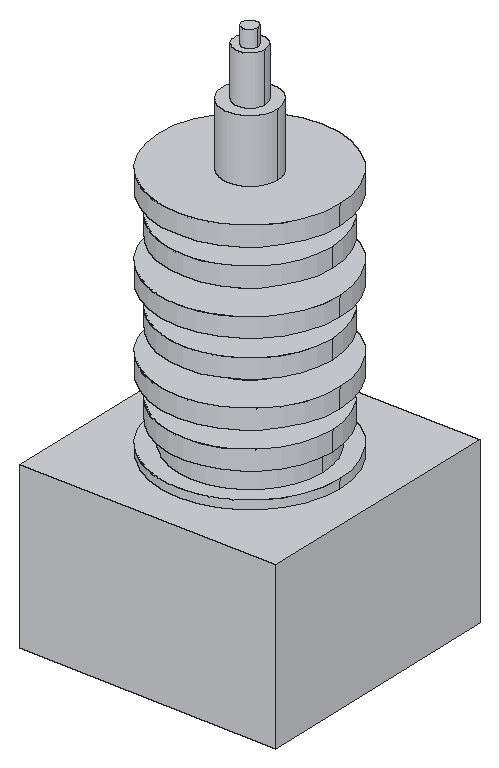
Revit family "GIS_VoltageTransformer", category Equipamento elétrico, Revit 2027
Family settings
  Configuração do painel = Duas colunas, circuitos transversais
  Cota do conector redondo = Utilizar diâmetro
  Tipo de parte = Painel de controle
  Com base no plano de trabalho = Não
  Sempre na vertical = Sim
  Corte com vazios quando carregada = Não
  Manter orientação da anotação = Não
  Compartilhado = Não
  Ponto de cálculo do ambiente = Não
Parameters (values of type "GIS_VT_145KV_STUDY")
  Default Elevation = 0 mm
  built-in parameter 1140142 [instance] = (empty or 0)
  built-in parameter 1140140 [instance] = 1 (stored number, unit not read)
  BIM_TensaoSecundaria_kV = 0
  BIM_TensaoNominal_kV = 138
  BIM_TensaoClasse_kV = 145
  BIM_TensaoClasseSecundaria_kV = 0
  BIM_Sistema_Elemento [instance] = ""
  BIM_ReferenciaCatalogo = "Portfolio estimate; ratio/class pending utility data"
  BIM_Profundidade = 700 mm
  BIM_Potencia_MVA = 0
  BIM_Localizacao [instance] = ""
  BIM_Largura = 700 mm
  BIM_Impedancia_pu = 0
  BIM_FonteGeometria = "Portfolio estimate; ratio/class pending utility data"
  BIM_Fabricante = "NAO SELECIONADO"
  BIM_EstadoGeometria = "ESTIMATED"
  BIM_EstadoEspecificacao = "PREMISSA / NAO SELECIONADO"
  BIM_DescricaoEstudo = "Transformador de potencial GIS; relacao, classe e carga nao selecionadas."
  BIM_CorrenteReferenciaSecundaria_A = 0
  BIM_CorrenteNominal_A = 0
  BIM_Bay [instance] = ""
  BIM_AlturaCorpoPrincipal = 450 mm
  BIM_Altura = 1500 mm
  built-in parameter 1155100 [instance] = (empty or 0)
Reference planes
  plane 1 "Centro (Frente/Trás)": y = 0
  plane 2: z = 0
  plane 3 "Centro (Esquerda/Direita)": x = 0
  plane 4 "BIM Left": x = -350
  plane 5 "BIM Right": x = 350
  plane 6 "BIM Front": y = -350
  plane 7 "BIM Back": y = 350
Forms (mm)
  Extrusion 1, solid
    sketch origin (0, 0, 0) x (1, 0, 0) y (0, 1, 0)
      loop
        line (-350, -350) -> (350, -350) -> (350, 350) -> (-350, 350) -> (-350, -350)
    from 0 to 450 <- "BIM_AlturaCorpoPrincipal"
  Extrusion 2, solid
    sketch origin (0, 0, 150) x (1, 0, 0) y (0, 1, 0)
      loop
        line (-231, -231) -> (231, -231) -> (231, 231) -> (-231, 231) -> (-231, -231)
    from 0 to 180
  Extrusion 3, solid
    sketch origin (0, 0, 285) x (1, 0, 0) y (0, 1, 0)
      loop
        circle (0, 0) r 199.5
    from 0 to 240
  Extrusion 4, solid
    sketch origin (0, 0, 420) x (1, 0, 0) y (0, 1, 0)
      loop
        circle (0, 0) r 247.8
    from 0 to 52.5
  Extrusion 5, solid
    sketch origin (0, 0, 532.5) x (1, 0, 0) y (0, 1, 0)
      loop
        circle (0, 0) r 226.8
    from 0 to 52.5
  Extrusion 6, solid
    sketch origin (0, 0, 645) x (1, 0, 0) y (0, 1, 0)
      loop
        circle (0, 0) r 247.8
    from 0 to 52.5
  Extrusion 7, solid
    sketch origin (0, 0, 757.5) x (1, 0, 0) y (0, 1, 0)
      loop
        circle (0, 0) r 226.8
    from 0 to 52.5
  Extrusion 8, solid
    sketch origin (0, 0, 870) x (1, 0, 0) y (0, 1, 0)
      loop
        circle (0, 0) r 247.8
    from 0 to 52.5
  Extrusion 9, solid
    sketch origin (0, 0, 982.5) x (1, 0, 0) y (0, 1, 0)
      loop
        circle (0, 0) r 226.8
    from 0 to 52.5
  Extrusion 10, solid
    sketch origin (0, 0, 1095) x (1, 0, 0) y (0, 1, 0)
      loop
        circle (0, 0) r 247.8
    from 0 to 52.5
  Extrusion 11, solid
    sketch origin (0, 0, 465) x (1, 0, 0) y (0, 1, 0)
      loop
        circle (0, 0) r 121.8
    from 0 to 675
  Extrusion 12, solid
    sketch origin (0, 0, 1140) x (1, 0, 0) y (0, 1, 0)
      loop
        circle (0, 0) r 75.6
    from 0 to 180
  Extrusion 13, solid
    sketch origin (0, 0, 1320) x (1, 0, 0) y (0, 1, 0)
      loop
        circle (0, 0) r 42
    from 0 to 135
  Extrusion 14, solid
    sketch origin (0, 0, 1455) x (1, 0, 0) y (0, 1, 0)
      loop
        circle (0, 0) r 21
    from 0 to 45
Dimensions and locks
  "BIM_Largura": plane 4 "BIM Left" to plane 5 "BIM Right"
  "BIM_Profundidade": plane 6 "BIM Front" to plane 7 "BIM Back"
  aligned and locked: level to plane 2
  aligned and locked: plane 4 "BIM Left" to Extrusion 1
  aligned and locked: Extrusion 1 to plane 5 "BIM Right"
  aligned and locked: Extrusion 1 to plane 6 "BIM Front"
  aligned and locked: plane 7 "BIM Back" to Extrusion 1
Automatic sketch dimensions
  Extrusion 1 sketch curve to plane 4 "BIM Left" = 0 mm
  Extrusion 1 sketch curve to plane 5 "BIM Right" = 0 mm
  Extrusion 1 sketch curve to plane 6 "BIM Front" = 0 mm
  Extrusion 1 sketch curve to plane 7 "BIM Back" = 0 mm
  Extrusion 2 sketch curve to plane 4 "BIM Left" = 119 mm
  plane 5 "BIM Right" to Extrusion 2 sketch curve = 119 mm
  plane 6 "BIM Front" to Extrusion 2 sketch curve = 119 mm
  Extrusion 2 sketch curve to plane 7 "BIM Back" = 119 mm
  Extrusion 3 sketch curve to Extrusion 3 sketch curve = 0 mm  (x2)
  plane 1 "Centro (Frente/Trás)" to Extrusion 3 sketch curve = 0 mm
  Extrusion 3 sketch curve to plane 3 "Centro (Esquerda/Direita)" = 0 mm
  Extrusion 3 sketch curve to plane 4 "BIM Left" = 150.5 mm
  Extrusion 4 sketch curve to Extrusion 4 sketch curve = 0 mm  (x2)
  plane 1 "Centro (Frente/Trás)" to Extrusion 4 sketch curve = 0 mm
  Extrusion 4 sketch curve to plane 3 "Centro (Esquerda/Direita)" = 0 mm
  Extrusion 4 sketch curve to plane 4 "BIM Left" = 102.2 mm
  Extrusion 5 sketch curve to Extrusion 5 sketch curve = 0 mm  (x2)
  plane 1 "Centro (Frente/Trás)" to Extrusion 5 sketch curve = 0 mm
  Extrusion 5 sketch curve to plane 3 "Centro (Esquerda/Direita)" = 0 mm
  Extrusion 5 sketch curve to plane 4 "BIM Left" = 123.2 mm
  Extrusion 6 sketch curve to Extrusion 6 sketch curve = 0 mm  (x2)
  plane 1 "Centro (Frente/Trás)" to Extrusion 6 sketch curve = 0 mm
  Extrusion 6 sketch curve to plane 3 "Centro (Esquerda/Direita)" = 0 mm
  Extrusion 6 sketch curve to plane 4 "BIM Left" = 102.2 mm
  Extrusion 7 sketch curve to Extrusion 7 sketch curve = 0 mm  (x2)
  plane 1 "Centro (Frente/Trás)" to Extrusion 7 sketch curve = 0 mm
  Extrusion 7 sketch curve to plane 3 "Centro (Esquerda/Direita)" = 0 mm
  Extrusion 7 sketch curve to plane 4 "BIM Left" = 123.2 mm
  Extrusion 8 sketch curve to Extrusion 8 sketch curve = 0 mm  (x2)
  plane 1 "Centro (Frente/Trás)" to Extrusion 8 sketch curve = 0 mm
  Extrusion 8 sketch curve to plane 3 "Centro (Esquerda/Direita)" = 0 mm
  Extrusion 8 sketch curve to plane 4 "BIM Left" = 102.2 mm
  Extrusion 9 sketch curve to Extrusion 9 sketch curve = 0 mm  (x2)
  plane 1 "Centro (Frente/Trás)" to Extrusion 9 sketch curve = 0 mm
  Extrusion 9 sketch curve to plane 3 "Centro (Esquerda/Direita)" = 0 mm
  Extrusion 9 sketch curve to plane 4 "BIM Left" = 123.2 mm
  Extrusion 10 sketch curve to Extrusion 10 sketch curve = 0 mm  (x2)
  plane 1 "Centro (Frente/Trás)" to Extrusion 10 sketch curve = 0 mm
  Extrusion 10 sketch curve to plane 3 "Centro (Esquerda/Direita)" = 0 mm
  Extrusion 10 sketch curve to plane 4 "BIM Left" = 102.2 mm
  Extrusion 11 sketch curve to Extrusion 11 sketch curve = 0 mm  (x2)
  plane 1 "Centro (Frente/Trás)" to Extrusion 11 sketch curve = 0 mm
  Extrusion 11 sketch curve to plane 3 "Centro (Esquerda/Direita)" = 0 mm
  Extrusion 11 sketch curve to plane 3 "Centro (Esquerda/Direita)" = 121.8 mm
  Extrusion 12 sketch curve to Extrusion 12 sketch curve = 0 mm  (x2)
  plane 1 "Centro (Frente/Trás)" to Extrusion 12 sketch curve = 0 mm
  Extrusion 12 sketch curve to plane 3 "Centro (Esquerda/Direita)" = 0 mm
  Extrusion 12 sketch curve to plane 3 "Centro (Esquerda/Direita)" = 75.6 mm
  Extrusion 13 sketch curve to Extrusion 13 sketch curve = 0 mm  (x2)
  plane 1 "Centro (Frente/Trás)" to Extrusion 13 sketch curve = 0 mm
  Extrusion 13 sketch curve to plane 3 "Centro (Esquerda/Direita)" = 0 mm
  Extrusion 13 sketch curve to plane 3 "Centro (Esquerda/Direita)" = 42 mm
  Extrusion 14 sketch curve to Extrusion 14 sketch curve = 0 mm  (x2)
  plane 1 "Centro (Frente/Trás)" to Extrusion 14 sketch curve = 0 mm
  Extrusion 14 sketch curve to plane 3 "Centro (Esquerda/Direita)" = 0 mm
  Extrusion 14 sketch curve to plane 3 "Centro (Esquerda/Direita)" = 21 mm
